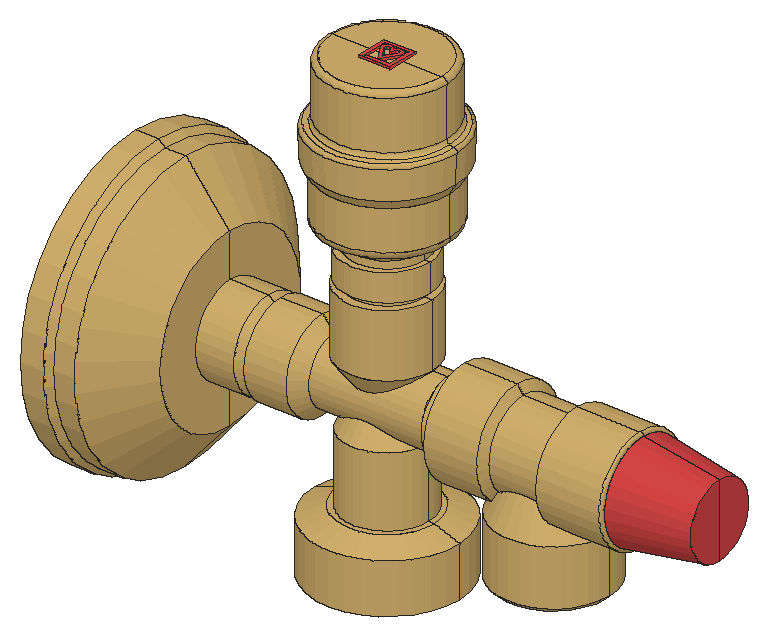
Revit family "Группа безопасности котла 2104", category Rohrzubehör, Revit 2018
Family settings
  Bemaßung runder Anschluss = Durchmesser verwenden
  Teiletyp = Normal
  OmniClass-Nummer = 23.65.55.14
  OmniClass-Titel = Valves for Liquid Services
  Arbeitsebenenbasiert = Nein
  Immer vertikal = Ja
  Beim Laden mit Abzugskörper schneiden = Nein
  Gemeinsam genutzt = Nein
Parameters
  Номер заказа [instance] = if(Nennweite Anschluss = 25.000 mm, 1210415, 0)  # 1210415
  Мин. рабочая температура = -10 °C  # constant formula
  Макс. рабочая температура = 110 °C  # constant formula
  Теплоизоляционный кожух = "EPP"  # constant formula
  Соединительный элемент = "штампованная латунь в соответствии с EN 12165, CW617N"  # constant formula
  Вес = 0.663  # constant formula
  URL = "www.herz-armaturen.ru"
  Предохранительный клапан = "штампованная латунь в соответствии с EN 12165, CW617N"  # constant formula
  SCRNSEQ = "AWI;AWI_TYP=\"1001\";2"
  SCRNCODE = "02;04;02"  # constant formula
  S08 = 17.700 mm  # constant formula
  S07 = 69.900 mm  # constant formula
  S06 = 42.700 mm  # constant formula
  S05 = 71.000 mm  # constant formula
  S04 = 32.000 mm  # constant formula
  S03 = 45.000 mm  # constant formula
  S02 = L18 + L19  # 95.300 mm
  S01 = 31.800 mm  # constant formula
  R25 = 10.400 mm  # constant formula
  R24 = 13.900 mm  # constant formula
  R23 = 10.400 mm  # constant formula
  R22 = 12.300 mm  # constant formula
  R21 = 14.800 mm  # constant formula
  R20 = 9.300 mm  # constant formula
  R19 = 16.000 mm  # constant formula
  R18 = Nennweite SV / 2  # 10.000 mm
  R17 = 20.800 mm  # constant formula
  R16 = 12.000 mm  # constant formula
  R15 [instance] = Nennweite Anschluss / 2  # 12.500 mm
  R14 = R04  # 10.650 mm
  R13 = 17.900 mm  # constant formula
  R12 = 17.100 mm  # constant formula
  R11 = 12.500 mm  # constant formula
  R10 = R04  # 10.650 mm
  R09 = 13.000 mm  # constant formula
  R08 = R04  # 10.650 mm
  R07 = 9.500 mm  # constant formula
  R06 = 9.300 mm  # constant formula
  R05 = 13.000 mm  # constant formula
  R04 = 21.300 mm / 2  # 10.650 mm
  R03 = 12.700 mm  # constant formula
  R02 = 39.900 mm  # constant formula
  R01 = 41.500 mm  # constant formula
  Nennweite SV = 20.000 mm  # constant formula
  Nennweite Anschluss [instance] = 25.000 mm  # constant formula
  Среда = "Качество теплоносителя в соответствии с ÖNORM H5195 и/или предписаниями VDI-Standard 2035.\nРазрешается использование смеси этилен или пропиленгликоля в соотношении 25-50% с водой. Прокладки EPDM могут быть подвержены воздействию минеральных смазочных масел, что может служить причиной выхода из строя данных уплотнений. Пожалуйста, обратитесь к документации производителя, при использовании этиленгликоля и пропиленгликоля в целях защиты от замерзания."
  Манометр = "0 - 4 бар"  # constant formula
  L19 = 22.000 mm  # constant formula
  L18 = 73.300 mm  # constant formula
  L17 = 95.300 mm  # constant formula
  L16 = 21.400 mm  # constant formula
  L15 = 47.800 mm  # constant formula
  L14 = 31.500 mm  # constant formula
  L13 = 46.500 mm  # constant formula
  L12 = 29.500 mm  # constant formula
  L11 = 31.200 mm  # constant formula
  L10 = 86.000 mm  # constant formula
  L09 = 20.700 mm  # constant formula
  L08 = 37.200 mm  # constant formula
  L07 = 27.700 mm  # constant formula
  L06 = 34.400 mm  # constant formula
  L05 = 19.400 mm  # constant formula
  L04 = 30.600 mm  # constant formula
  L03 = 52.400 mm  # constant formula
  L02 = 27.000 mm  # constant formula
  L01 = 72.000 mm  # constant formula
  Hersteller = "Herz-Armaturen GmbH"  # constant formula
  Воздухоотводчик = "штампованная латунь в соответствии с EN 12165, CW617N"  # constant formula
  Область применения = "Группа безопасности состоит из основных предохранительных элементов, которые используются в системах отопления до 50 кВт (предохранительный клапан, воздухоудалитель, манометр)."
Reference planes
  plane 1 "Mitte (Vorne/hinten)": y = 0
  plane 2: z = 0
  plane 3 "Mitte (Links/rechts)": x = 0
Forms (mm)
  Revolve 1, solid, material "Messing", detail levels fine
    sketch origin (0, 0, 0) x (1, 0, 0) y (0, 0, 1)
      loop
        line (-72, 41.5) -> (-72, 0) -> (-19.6, 0) -> (-19.6, 9.485) -> (-20.765, 10.65) -> (-31.58, 10.65) -> (-33.8, 12.7) -> (-45, 12.7) -> (-45, 25.131) -> (-57.8, 39.9) -> (-63.8, 39.9) -> (-65.4, 41.5) -> (-72, 41.5)
      axis (-72, 0) -> (-19.6, 0)
    angle from 0 to 360
  Revolve 2, solid, material "Messing", detail levels fine
    sketch origin (0, 0, 0) x (1, 0, 0) y (0, 0, 1)
      loop
        line (-30.6, 13) -> (-30.6, 10.465) -> (-29.435, 9.3) -> (-19.4, 9.3) -> (-19.4, 0) -> (34.4, 0) -> (34.4, 9.485) -> (33.235, 10.65) -> (18.4, 10.65) -> (17.42, 9.5) -> (-15.065, 9.5) -> (-18.565, 13) -> (-30.6, 13)
      axis (-30.6, 0) -> (34.4, 0)
    angle from 0 to 360
  Revolve 3, solid, material "Messing", detail levels fine
    sketch origin (0, 0, 0) x (1, 0, 0) y (0, 0, 1)
      loop
        line (0, 0) -> (-6, 0) -> (-12, -9.5) -> (-12, -29.5) -> (-13.65, -29.5) -> (-20.8, -32.25) -> (-20.8, -46.5) -> (-12.5, -46.5) -> (-12.5, -33.02) -> (0, -33.02) -> (0, 0)
      axis (0, 0) -> (0, -46.5)
    angle from 0 to 360
  Revolve 4, solid, material "Messing", detail levels fine
    sketch origin (0, 0, 0) x (1, 0, 0) y (0, 0, 1)
      loop
        line (0, 31.2) -> (0, 86) -> (-15.6, 86)
        arc (-15.6, 86) -> (-16.661, 85.561) -> (-17.1, 84.5) r 1.5
        line (-17.1, 84.5) -> (-17.1, 70.6)
        arc (-17.1, 70.6) -> (-17.278, 69.797) -> (-17.778, 69.145) r 1.899
        line (-17.778, 69.145) -> (-19.197, 68.844)
        arc (-19.197, 68.844) -> (-19.771, 68.418) -> (-19.974, 67.733) r 1.128
        line (-19.974, 67.733) -> (-19.7, 59.5) -> (-17.9, 56.7) -> (-17.9, 45.325)
        arc (-17.9, 45.325) -> (-17.131, 43.469) -> (-15.275, 42.7) r 2.625
        line (-15.275, 42.7) -> (-10.65, 39.2) -> (-10.65, 32.365) -> (-9.485, 31.2) -> (0, 31.2)
      axis (0, 86) -> (0, 31.2)
    angle from 0 to 360
  Revolve 5, solid, material "Messing", detail levels fine
    sketch origin (0, 0, 0) x (1, 0, 0) y (0, 0, 1)
      loop
        line (-12.5, 37.2) -> (-12.5, 29.435) -> (-10.65, 28.7) -> (-10.65, 21.865) -> (-9.485, 20.7) -> (0, 20.7) -> (0, 37.2) -> (-12.5, 37.2)
      axis (0, 37.2) -> (0, 20.7)
    angle from 0 to 360
  Revolve 6, solid, material "Messing", detail levels fine
    sketch origin (0, 0, 0) x (1, 0, 0) y (0, 0, 1)
      loop
        line (-13, 27.7) -> (-13, 9.525) -> (-6, 0) -> (0, 0) -> (0, 27.7) -> (-13, 27.7)
      axis (0, 27.7) -> (0, 0)
    angle from 0 to 360
  Revolve 7, solid, material "Messing", detail levels fine
    sketch origin (0, 0, 0) x (1, 0, 0) y (0, 0, 1)
      loop
        line (21.4, 9.3) -> (36.4, 9.3) -> (36.4, 0) -> (73.278, 0) -> (73.278, 13.893)
        arc (73.278, 13.893) -> (73.1, 14.525) -> (72.504, 14.8) r 0.784
        line (72.504, 14.8) -> (54.504, 14.8) -> (53.049, 12.3) -> (38.855, 12.3) -> (37.4, 14.8) -> (22.295, 14.8) -> (21.4, 13.25) -> (21.4, 9.3)
      axis (21.4, 0) -> (73.278, 0)
    angle from 0 to 360
  Revolve 8, solid, material "Messing", detail levels fine
    sketch origin (0, 0, 0) x (1, 0, 0) y (0, 0, 1)
      loop
        line (47.8, -18.34) -> (47.8, 0) -> (39.55, 0) -> (31.8, -14.5) -> (31.8, -30.5) -> (32.8, -31.5) -> (37.8, -31.5) -> (37.8, -18.34) -> (47.8, -18.34)
      axis (47.8, 0) -> (47.8, -31.5)
    angle from 0 to 360
  Revolve 9, solid, material "Kunststoff - Rot", detail levels fine
    sketch origin (0, 0, 0) x (1, 0, 0) y (0, 0, 1)
      loop
        line (95.278, 0) -> (95.278, 10.4) -> (73.3, 13.9) -> (73.3, 0) -> (95.278, 0)
      axis (73.3, 0) -> (95.278, 0)
    angle from 0 to 360
Lines and regions (mm)
  model lines
    curve 1: line (20.8, 0, -47.5) -> (-20.8, 0, -47.5)
    curve 11: line (95, 0, 10.596) -> (87.287, 0, -10.596)
    curve 12: line (87, 0, 10.596) -> (79.287, 0, -10.596)
    curve 13: line (79, 0, 10.596) -> (71.287, 0, -10.596)
    curve 14: line (71, 0, 10.596) -> (63.287, 0, -10.596)
    curve 15: circle (-45, 0, 0) r 27 normal (0, -1, 0)
    curve 18: line (0, 0, 60.6) -> (0, 0, 87.6)
    curve 24: line (0, -46.5, 0) -> (0, 24.8, 0)
  model lines, detail levels coarse+medium
    curve 2: line (0, 0, -47.5) -> (0, 0, 24.8)
    curve 3: line (-18, 0, 0) -> (21.4, 0, 0)
    curve 4: line (21.4, 0, 14.8) -> (21.4, 0, -14.8)
    curve 5: line (21.4, 0, -14.8) -> (47.8, 0, 0)
    curve 6: line (47.8, 0, 0) -> (21.4, 0, 14.8)
    curve 7: line (47.8, 0, 0) -> (31.8, 0, -31.5)
    curve 8: line (31.8, 0, -31.5) -> (63.8, 0, -31.5)
    curve 9: line (63.8, 0, -31.5) -> (47.8, 0, 0)
    curve 10: line (47.8, 0, 0) -> (95.3, 0, 0)
    curve 16: line (0, 0, 87.6) -> (-17.7, 0, 69.9)
    curve 17: circle (0, 0, 42.7) r 17.9 normal (0, -1, 0)
    curve 19: line (0, 0, 87.6) -> (17.7, 0, 69.9)
    curve 20: line (-60.91, 0, -15.91) -> (-29.09, 0, 15.91)
    curve 21: line (-29.09, 0, 15.91) -> (-29.09, 0, 5.91)
    curve 22: line (-29.09, 0, 15.91) -> (-39.09, 0, 15.91)
    curve 23: line (-20.8, -46.5, 0) -> (20.8, -46.5, 0)
    curve 25: circle (0, 42.7, 0) r 17.9 normal (0, 0, 1)
    curve 26: line (-0.022, 60.6, 0) -> (-0.022, 87.578, 0)
    curve 27: line (-0.022, 87.578, 0) -> (-17.7, 69.9, 0)
    curve 28: line (0.022, 87.578, 0) -> (17.7, 69.9, 0)
    curve 29: circle (-45, 0, 0) r 27 normal (0, 0, 1)
    curve 30: line (-60.91, -15.91, 0) -> (-29.09, 15.91, 0)
    curve 31: line (-29.09, 15.91, 0) -> (-29.09, 5.91, 0)
    curve 32: line (-29.09, 15.91, 0) -> (-39.09, 15.91, 0)
    curve 33: line (-18, 0, 0) -> (20.505, 0, 0)
    curve 34: line (21.4, 14.8, 0) -> (21.4, -14.8, 0)
    curve 35: line (21.4, -14.8, 0) -> (47.8, 0, 0)
    curve 36: line (47.8, 0, 0) -> (21.4, 14.8, 0)
    curve 37: line (47.8, 0, 0) -> (95.3, 0, 0)
    curve 38: line (71, 10.619, 0) -> (63.27, -10.619, 0)
    curve 39: line (79, 10.619, 0) -> (71.27, -10.619, 0)
    curve 40: line (87, 10.619, 0) -> (79.27, -10.619, 0)
    curve 41: line (95, 10.619, 0) -> (87.27, -10.619, 0)
    curve 42: line (47.8, 0, 0) -> (31.8, -31.5, 0)
    curve 43: line (31.8, -31.5, 0) -> (63.8, -31.5, 0)
    curve 44: line (63.8, -31.5, 0) -> (47.8, 0, 0)
Dimensions and locks
  "R01": Revolve 1 sketch curve to Revolve 1 sketch curve
  "L01": plane 3 "Mitte (Links/rechts)" to Revolve 1 sketch curve
  "L02": Revolve 1 sketch curve to Revolve 1 sketch curve
  "R02": Revolve 1 sketch curve to Revolve 1 sketch curve
  "R03": Revolve 1 sketch curve to Revolve 1 sketch curve
  "L03": Revolve 1 sketch curve to Revolve 1 sketch curve
  "R04": Revolve 1 sketch curve to Revolve 1 sketch curve
  "L04": plane 3 "Mitte (Links/rechts)" to Revolve 2 sketch curve
  "R05": Revolve 2 sketch curve to Revolve 2 sketch curve
  "R06": Revolve 2 sketch curve to Revolve 2 sketch curve
  "R07": Revolve 2 sketch curve to Revolve 2 sketch curve
  "R08": Revolve 2 sketch curve to Revolve 2 sketch curve
  "L05": plane 3 "Mitte (Links/rechts)" to Revolve 2 sketch curve
  "L06": Revolve 2 sketch curve to plane 3 "Mitte (Links/rechts)"
  "R09": Revolve 6 sketch curve to Revolve 6 sketch curve
  "L07": Revolve 6 sketch curve to Revolve 6 sketch curve
  "L09": Revolve 5 sketch curve to Revolve 6
  "L08": Revolve 5 sketch curve to Revolve 6
  "R11": Revolve 5 sketch curve to Revolve 5 sketch curve
  "R10": Revolve 5 sketch curve to Revolve 5 sketch curve
  "R12": Revolve 4 sketch curve to Revolve 4 sketch curve
  "R13": Revolve 4 sketch curve to Revolve 4 sketch curve
  "R14": Revolve 4 sketch curve to Revolve 4 sketch curve
  "L11": Revolve 4 sketch curve to Revolve 6
  "L10": Revolve 4 sketch curve to Revolve 6
  "L13": Revolve 3 sketch curve to Revolve 3 sketch curve
  "L12": Revolve 3 sketch curve to Revolve 3 sketch curve
  "R16": Revolve 3 sketch curve to Revolve 3 sketch curve
  "R17": Revolve 3 sketch curve to Revolve 3 sketch curve
  "R15": Revolve 3 sketch curve to Revolve 3 sketch curve
  "R19": Revolve 8 sketch curve to Revolve 8 sketch curve
  "R18": Revolve 8 sketch curve to Revolve 8 sketch curve
  "L14": Revolve 8 sketch curve to Revolve 8 sketch curve
  "L15": Revolve 8 sketch curve to plane 3 "Mitte (Links/rechts)"
  "L16": Revolve 7 sketch curve to plane 3 "Mitte (Links/rechts)"
  "R20": Revolve 7 sketch curve to Revolve 7 sketch curve
  "R21": Revolve 7 sketch curve to Revolve 7 sketch curve  (x2)
  "R22": Revolve 7 sketch curve to Revolve 7 sketch curve
  "R25": Revolve 9 sketch curve to Revolve 9 sketch curve
  "R24": Revolve 9 sketch curve to Revolve 9 sketch curve
  "L19": Revolve 9 sketch curve to Revolve 7
  "L18": plane 3 "Mitte (Links/rechts)" to Revolve 9 sketch curve
  "R17": curve 1 to plane 3 "Mitte (Links/rechts)" to curve 1
  "L13": plane 2 to Revolve 3
  "S06": curve 17 to plane 2
  "S07": curve 16 to plane 2
  "S07": curve 19 to plane 2
  "S08": curve 19 to plane 3 "Mitte (Links/rechts)"
  "S08": plane 3 "Mitte (Links/rechts)" to curve 16
  "S03": plane 3 "Mitte (Links/rechts)" to curve 15
  "L16": curve 4 to plane 3 "Mitte (Links/rechts)"
  "R21": curve 6 to plane 2 to curve 5
  "L15": curve 10 to plane 3 "Mitte (Links/rechts)"
  "L14": plane 2 to curve 8
  "S01": curve 8 to plane 3 "Mitte (Links/rechts)"
  "S04": curve 8 to curve 9
  "S02": curve 10 to plane 3 "Mitte (Links/rechts)"
  equal spacing: curve 14, plane 2, curve 14
  equal spacing: curve 13, plane 2, curve 13
  equal spacing: curve 12, plane 2, curve 12
  equal spacing: curve 11, plane 2, curve 11
  curve 11 to curve 12 = 8.000 mm
  curve 12 to curve 13 = 8.000 mm
  curve 13 to curve 14 = 8.000 mm
  "S05": curve 14 to plane 3 "Mitte (Links/rechts)"
  "S07": plane 1 "Mitte (Vorne/hinten)" to curve 27
  "S08": curve 27 to plane 3 "Mitte (Links/rechts)"
  "S08": plane 3 "Mitte (Links/rechts)" to curve 28
  "S07": plane 1 "Mitte (Vorne/hinten)" to curve 28
  "S06": plane 1 "Mitte (Vorne/hinten)" to curve 25
  "R17": curve 23 to plane 3 "Mitte (Links/rechts)" to curve 23
  "L13": curve 23 to plane 1 "Mitte (Vorne/hinten)"
  "S03": curve 29 to plane 3 "Mitte (Links/rechts)"
  "L16": plane 3 "Mitte (Links/rechts)" to curve 34
  "R21": plane 1 "Mitte (Vorne/hinten)" to curve 36
  "R21": curve 35 to plane 1 "Mitte (Vorne/hinten)"
  "L15": plane 3 "Mitte (Links/rechts)" to curve 36
  "S02": plane 3 "Mitte (Links/rechts)" to curve 37
  equal spacing: curve 38, plane 1 "Mitte (Vorne/hinten)", curve 38
  "S05": plane 3 "Mitte (Links/rechts)" to curve 38
  equal spacing: curve 39, plane 1 "Mitte (Vorne/hinten)", curve 39
  curve 38 to curve 39 = 8.000 mm
  equal spacing: curve 40, plane 1 "Mitte (Vorne/hinten)", curve 40
  curve 40 to curve 39 = 8.000 mm
  curve 41 to curve 40 = 8.000 mm
  equal spacing: curve 41, plane 1 "Mitte (Vorne/hinten)", curve 41
  "L14": curve 43 to plane 1 "Mitte (Vorne/hinten)"
  "S01": plane 3 "Mitte (Links/rechts)" to curve 43
  "S04": curve 43 to curve 44
  "R13": radius of curve 17
  "L02": radius of curve 15
  "R13": radius of curve 25
  "L02": radius of curve 29
  angle curve 16 to curve 18 = 45.00°
  angle plane 3 "Mitte (Links/rechts)" to curve 19 = 45.00°
  angle curve 20 to curve 21 = 45.00°
  angle plane 2 to curve 11 = 70.00°
  angle plane 2 to curve 12 = 70.00°
  angle plane 2 to curve 13 = 70.00°
  angle plane 2 to curve 14 = 70.00°
  angle curve 27 to curve 26 = 45.0005°
  angle curve 26 to curve 28 = 45.0005°
  angle curve 30 to curve 31 = 45.00°
  angle plane 1 "Mitte (Vorne/hinten)" to curve 38 = 70.00°
  angle plane 1 "Mitte (Vorne/hinten)" to curve 39 = 70.00°
  angle plane 1 "Mitte (Vorne/hinten)" to curve 40 = 70.00°
  angle plane 1 "Mitte (Vorne/hinten)" to curve 41 = 70.00°
  aligned and locked: level to plane 2
Automatic sketch dimensions
  curve 17 to plane 3 "Mitte (Links/rechts)" = 0.000 mm
  curve 2 to plane 3 "Mitte (Links/rechts)" = 0.000 mm
  curve 7 to level = 0.000 mm
  curve 15 to level = 0.000 mm
  curve 3 to level = 0.000 mm
  curve 20 to curve 3 = 11.090 mm
  level to curve 22 = 15.910 mm
  curve 22 to curve 20 = 10.000 mm
  curve 1 to curve 7 = 16.000 mm
  curve 24 to plane 3 "Mitte (Links/rechts)" = 0.000 mm
  plane 1 "Mitte (Vorne/hinten)" to curve 33 = 0.000 mm
  plane 1 "Mitte (Vorne/hinten)" to curve 42 = 0.000 mm
  plane 1 "Mitte (Vorne/hinten)" to curve 29 = 0.000 mm
  curve 30 to curve 33 = 11.090 mm
  curve 25 to plane 3 "Mitte (Links/rechts)" = 0.000 mm
  curve 32 to plane 1 "Mitte (Vorne/hinten)" = 15.910 mm
  curve 32 to curve 30 = 10.000 mm
  curve 33 to curve 34 = 0.895 mm
  Revolve 1 sketch curve to level = 0.000 mm  (x2)
  Revolve 1 sketch curve to Revolve 1 sketch curve = 6.600 mm
  Revolve 1 sketch curve to Revolve 1 sketch curve = 1.600 mm
  Revolve 1 sketch curve to Revolve 1 sketch curve = 6.000 mm
  Revolve 1 sketch curve to Revolve 1 sketch curve = 11.200 mm
  Revolve 1 sketch curve to Revolve 1 sketch curve = 2.220 mm
  Revolve 1 sketch curve to Revolve 1 sketch curve = 1.165 mm  (x2)
  Revolve 1 sketch curve to Revolve 1 sketch curve = 12.431 mm
  Revolve 1 sketch curve to Revolve 1 sketch curve = 1279.990 mm
  plane 3 "Mitte (Links/rechts)" to Revolve 1 sketch curve = 1898.983 mm
  Revolve 2 sketch curve to level = 0.000 mm  (x2)
  Revolve 2 sketch curve to Revolve 2 sketch curve = 1.165 mm  (x4)
  Revolve 2 sketch curve to Revolve 2 sketch curve = 0.835 mm
  Revolve 2 sketch curve to Revolve 2 sketch curve = 4.335 mm
  Revolve 2 sketch curve to Revolve 2 sketch curve = 16.980 mm
  Revolve 2 sketch curve to Revolve 2 sketch curve = 0.980 mm
  Revolve 2 sketch curve to Revolve 2 sketch curve = 1321.410 mm
  Revolve 2 sketch curve to Revolve 2 sketch curve = 1864.563 mm
  Revolve 3 sketch curve to level = 0.000 mm
  Revolve 3 sketch curve to plane 3 "Mitte (Links/rechts)" = 0.000 mm  (x2)
  Revolve 3 sketch curve to Revolve 3 sketch curve = 1.650 mm
  Revolve 3 sketch curve to Revolve 3 sketch curve = 6.000 mm
  Revolve 3 sketch curve to Revolve 3 sketch curve = 3.520 mm
  Revolve 3 sketch curve to Revolve 3 sketch curve = 2.750 mm
  Revolve 3 sketch curve to level = 9.500 mm
  Revolve 3 sketch curve to Revolve 3 sketch curve = 319.545 mm
  level to Revolve 3 sketch curve = 2214.315 mm
  Revolve 4 sketch curve to plane 3 "Mitte (Links/rechts)" = 0.000 mm  (x2)
  Revolve 4 sketch curve to Revolve 4 sketch curve = 1.747 mm
  Revolve 4 sketch curve to Revolve 4 sketch curve = 1.899 mm
  Revolve 4 sketch curve to Revolve 4 sketch curve = 0.350 mm
  Revolve 4 sketch curve to Revolve 4 sketch curve = 1.800 mm
  Revolve 4 sketch curve to Revolve 4 sketch curve = 1.128 mm
  Revolve 4 sketch curve to Revolve 4 sketch curve = 1.419 mm
  Revolve 4 sketch curve to Revolve 4 sketch curve = 1.500 mm
  Revolve 4 sketch curve to Revolve 4 sketch curve = 2.625 mm
  Revolve 4 sketch curve to Revolve 4 sketch curve = 1.165 mm  (x2)
  Revolve 4 sketch curve to Revolve 4 sketch curve = 6.835 mm
  Revolve 4 sketch curve to Revolve 4 sketch curve = 3.500 mm
  Revolve 4 sketch curve to Revolve 4 sketch curve = 11.375 mm
  Revolve 4 sketch curve to Revolve 4 sketch curve = 2.800 mm
  Revolve 4 sketch curve to Revolve 4 sketch curve = 8.233 mm
  Revolve 4 sketch curve to Revolve 4 sketch curve = 0.038 mm
  Revolve 4 sketch curve to Revolve 4 sketch curve = 0.302 mm
  Revolve 4 sketch curve to level = 366.045 mm
  Revolve 4 sketch curve to Revolve 4 sketch curve = 2128.315 mm
  Revolve 5 sketch curve to plane 3 "Mitte (Links/rechts)" = 0.000 mm  (x2)
  Revolve 5 sketch curve to Revolve 5 sketch curve = 1.165 mm  (x2)
  Revolve 5 sketch curve to Revolve 5 sketch curve = 6.835 mm
  Revolve 5 sketch curve to Revolve 5 sketch curve = 0.735 mm
  Revolve 5 sketch curve to level = 366.045 mm
  Revolve 5 sketch curve to Revolve 5 sketch curve = 2177.115 mm
  Revolve 6 sketch curve to level = 0.000 mm
  Revolve 6 sketch curve to plane 3 "Mitte (Links/rechts)" = 0.000 mm  (x2)
  Revolve 6 sketch curve to plane 3 "Mitte (Links/rechts)" = 6.000 mm
  level to Revolve 6 sketch curve = 9.525 mm
  Revolve 6 sketch curve to level = 366.045 mm
  Revolve 6 sketch curve to Revolve 6 sketch curve = 2186.615 mm
  Revolve 7 sketch curve to level = 0.000 mm  (x2)
  Revolve 7 sketch curve to Revolve 7 sketch curve = 0.895 mm
  Revolve 7 sketch curve to Revolve 7 sketch curve = 15.000 mm
  Revolve 7 sketch curve to Revolve 7 sketch curve = 1.000 mm
  Revolve 7 sketch curve to Revolve 7 sketch curve = 1.455 mm  (x2)
  Revolve 7 sketch curve to Revolve 7 sketch curve = 14.194 mm
  Revolve 7 sketch curve to Revolve 7 sketch curve = 18.000 mm
  Revolve 7 sketch curve to Revolve 7 sketch curve = 0.774 mm
  Revolve 7 sketch curve to Revolve 7 sketch curve = 1.550 mm
  Revolve 7 sketch curve to Revolve 7 sketch curve = 0.907 mm
  Revolve 7 sketch curve to plane 3 "Mitte (Links/rechts)" = 1351.990 mm
  Revolve 7 sketch curve to Revolve 7 sketch curve = 1825.705 mm
  Revolve 8 sketch curve to level = 0.000 mm  (x2)
  Revolve 8 sketch curve to Revolve 8 sketch curve = 0.000 mm  (x2)
  Revolve 8 sketch curve to Revolve 8 sketch curve = 8.250 mm
  Revolve 8 sketch curve to Revolve 8 sketch curve = 1.000 mm  (x2)
  Revolve 8 sketch curve to Revolve 8 sketch curve = 13.160 mm
  Revolve 8 sketch curve to Revolve 8 sketch curve = 3.840 mm
  Revolve 9 sketch curve to level = 0.000 mm  (x2)
  Revolve 9 sketch curve to plane 3 "Mitte (Links/rechts)" = 1351.990 mm
  Revolve 9 sketch curve to Revolve 9 sketch curve = 1803.683 mm
Nested families
  nested 1: "Herz-Logo" at (0, 0, 85), type "Herz-Logo", detail levels fine
Connectors
  piping at (0, 0, -33.02), diameter 25, driven by "Nennweite Anschluss"
    settings: on Revolve 3, index 1, connector inside diameter 609.6 mm, connector length 0.000 mm, flow factor 0, pipe flow 0.0 L/s, pressure drop 0.0 Pa, fitting loss kfactor 0, connector angle 0.00°, fixture units 0, engagement length 0.000 mm, angle of deflection 0.00°, flow configuration 0, flow direction 1, fitting loss method 0, system type 29, joint type 0, gender type 0, connector reference index -1, connector utility 0, adjustable connector no, is connector primary yes, connector description ""
  piping at (47.8, 0, -18.34), diameter 20, driven by "Nennweite SV"
    settings: on Revolve 8, index 2, connector inside diameter 609.6 mm, connector length 0.000 mm, flow factor 0, pipe flow 0.0 L/s, pressure drop 0.0 Pa, fitting loss kfactor 0, connector angle 0.00°, fixture units 0, engagement length 0.000 mm, angle of deflection 0.00°, flow configuration 0, flow direction 2, fitting loss method 0, system type 29, joint type 0, gender type 0, connector reference index -1, connector utility 0, adjustable connector no, is connector primary no, connector description ""
Definition of nested family "Herz-Logo"
  Reference planes
    plane 1 "Mitte (Vorne/hinten)": y = 0
    plane 2: z = 0
    plane 3 "Mitte (Links/rechts)": x = 0
  Forms (mm)
    Extrusion 1, solid
      sketch origin (0, 0, 0) x (1, 0, 0) y (0, 1, 0)
        loop
          line (-0.018, -4.517) -> (4.482, -4.517) -> (4.482, 4.483) -> (-4.518, 4.483) -> (-4.518, -4.517) -> (-0.018, -4.517)
        loop
          line (-0.05, -3.48) -> (3.482, -3.48) -> (3.482, 3.483) -> (-3.518, 3.483) -> (-3.518, -3.48) -> (-0.05, -3.48)
        loop
          arc (-0.018, 2.383) -> (-1.543, 3.287) -> (-3.067, 2.383) r 1.738
          arc (-3.067, 2.383) -> (-3.191, 1.899) -> (-3.067, 1.415) r 1.009
          line (-3.067, 1.415) -> (-0.018, -3.281) -> (3.032, 1.415)
          arc (3.032, 1.415) -> (3.156, 1.899) -> (3.032, 2.383) r 1.009
          arc (3.032, 2.383) -> (1.507, 3.287) -> (-0.018, 2.383) r 1.738
        loop
          arc (1.885, 1.272) -> (2.005, 1.675) -> (1.885, 2.079) r 0.74
          arc (1.885, 2.079) -> (1.265, 2.416) -> (0.644, 2.079) r 0.74
          line (0.644, 2.079) -> (-0.018, 0.97) -> (-0.679, 2.079)
          arc (-0.679, 2.079) -> (-1.3, 2.416) -> (-1.921, 2.079) r 0.74
          arc (-1.921, 2.079) -> (-2.04, 1.675) -> (-1.921, 1.272) r 0.74
          line (-1.921, 1.272) -> (-0.018, -1.658) -> (1.885, 1.272)
      from 0 to 1.5
  Dimensions and locks
    aligned and locked: level to plane 2
